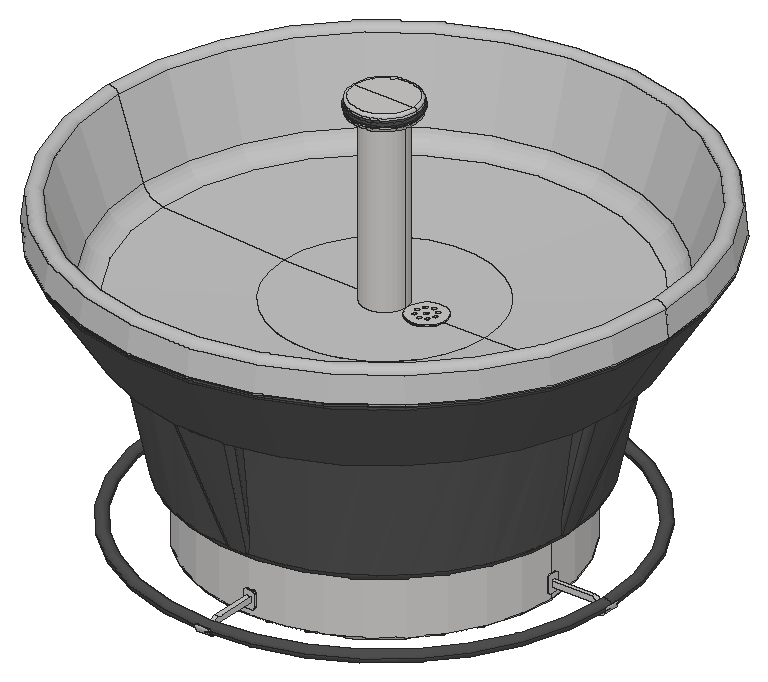
Revit family "Washfountain_Lavatory-Bradley_Corp-WF2808-Type_B_Drain", category Plumbing Fixtures, Revit 2012 (continued)
Automatic sketch dimensions
  level to Revolve 34 sketch curve = 5.66694"
  Revolve 34 sketch curve to plane 14 "Pedestal Height" = 7.880"
  Revolve 34 sketch curve to plane 14 "Pedestal Height" = 2.49476"
  Revolve 36 sketch curve to curve 7 = 0.000"
  Revolve 36 sketch curve to Revolve 36 sketch curve = 0.000"
  Revolve 36 sketch curve to curve 7 = 3.1566"
  Revolve 36 sketch curve to Revolve 36 sketch curve = 0.06932"
  Revolve 36 sketch curve to Revolve 36 sketch curve = 1.18872"
  Revolve 36 sketch curve to curve 7 = 1.31128"
  curve 6 to Masking region 36 sketch curve = 1.8649"  (x2)
  curve 6 to Masking region 36 sketch curve = 0.8649"  (x2)
  Masking region 37 sketch curve to curve 6 = 1.6149"  (x2)
  Masking region 37 sketch curve to Masking region 37 sketch curve = 0.500"  (x2)
  radius of curve 105 = 21.000"
  radius of Masking region 17 sketch curve = 27.000"
  radius of curve 136 = 1.750"
  radius of curve 137 = 1.250"
  radius of curve 138 = 0.1842"
  radius of curve 139 = 0.1842"
  radius of curve 140 = 0.1842"
  radius of curve 141 = 0.1842"
  radius of curve 142 = 0.1842"
  radius of curve 143 = 0.1842"
  radius of curve 144 = 0.1842"
  radius of curve 145 = 0.1842"
  radius of curve 146 = 0.1842"
  radius of curve 147 = 25.300"
  radius of curve 251 = 21.000"
  radius of Masking region 18 sketch curve = 6.22592"
  radius of curve 45 = 4.17907"
  radius of Masking region 19 sketch curve = 4.57537"
  radius of curve 46 = 2.10282"
  radius of Masking region 20 sketch curve = 3.12875"
  radius of curve 47 = 2.000"
  radius of Masking region 21 sketch curve = 2.000"
  radius of Extrusion 12 sketch curve = 2.000"
  radius of Extrusion 13 sketch curve = 2.000"
  radius of Sweep 16 sketch curve = 0.500"
  radius of curve 170 = 0.18079"
  radius of curve 171 = 0.18079"
  radius of curve 185 = 0.18079"
  radius of curve 186 = 0.18079"
  radius of curve 219 = 0.17708"
  radius of curve 220 = 0.17708"
  radius of curve 233 = 0.17708"
  radius of curve 234 = 0.17708"
  radius of Extrusion 25 sketch curve = 1.750"
  radius of Extrusion 26 sketch curve = 0.1842"  (x9)
  radius of curve 135 to Extrusion 26 = 0.500"
  radius of Extrusion 37 sketch curve = 0.500"
  radius of Extrusion 38 sketch curve = 0.500"
  radius of Extrusion 39 sketch curve = 0.250"
  radius of Extrusion 40 sketch curve = 0.250"
Connectors (in)
  piping at (0.875, 1.25, 37.25), driven by "Hot Lavatory Inlet Radius", driven by "HWFU"
    settings: on Extrusion 35, index 1, connector radius 1/4", flow factor 0, pipe flow 0.0 GPM, pressure drop 0.0 psi, fitting loss kfactor 0, connector angle 0.00°, fixture units 0, engagement length 0.000", flow configuration 3, flow direction 1, fitting loss method 0, system type 19, joint type 0, gender type 0, connector reference index -1, connector utility 0, adjustable connector no, is connector primary yes, fitting loss table "", connector description "Hot Lavatory Inlet"
  piping at (-0.875, 1.25, 37.25), driven by "Cold Lavatory Inlet Radius", driven by "CWFU"
    settings: on Extrusion 35, index 2, connector radius 1/4", flow factor 0, pipe flow 0.0 GPM, pressure drop 0.0 psi, fitting loss kfactor 0, connector angle 0.00°, fixture units 0, engagement length 0.000", flow configuration 3, flow direction 1, fitting loss method 0, system type 20, joint type 0, gender type 0, connector reference index -1, connector utility 0, adjustable connector no, is connector primary no, fitting loss table "", connector description "Cold Lavatory Inlet"
  piping at (-4, 0, 0), driven by "Drain Radius", driven by "WFU"
    settings: on Extrusion 27, index 3, connector radius 1", flow factor 0, pipe flow 0.0 GPM, pressure drop 0.0 psi, fitting loss kfactor 0, connector angle 0.00°, fixture units 0, engagement length 0.000", flow configuration 3, flow direction 2, fitting loss method 0, system type 16, joint type 0, gender type 0, connector reference index -1, connector utility 0, adjustable connector yes, is connector primary no, fitting loss table "", connector description "Drain"
  piping at (0, 0, 37.25), driven by "Vent Radius", driven by "WFU"
    settings: on Extrusion 35, index 4, connector radius 3/4", flow factor 0, pipe flow 0.0 GPM, pressure drop 0.0 psi, fitting loss kfactor 0, connector angle 0.00°, fixture units 0, engagement length 0.000", flow configuration 3, flow direction 2, fitting loss method 0, system type 16, joint type 0, gender type 0, connector reference index -1, connector utility 0, adjustable connector yes, is connector primary no, fitting loss table "", connector description "Vent"
  electrical at (0, 5, 0), driven by "Voltage"
    settings: on Extrusion 27, index 5, voltage 110 V, apparent load 0 VA, apparent load phase1 0 VA, apparent load phase2 0 VA, apparent load phase3 0 VA, power factor 1, load classification "Other", number of poles 1, system type 31, power factor state 1, is connector primary yes, connector utility no, sub classification motor no, connector description ""
